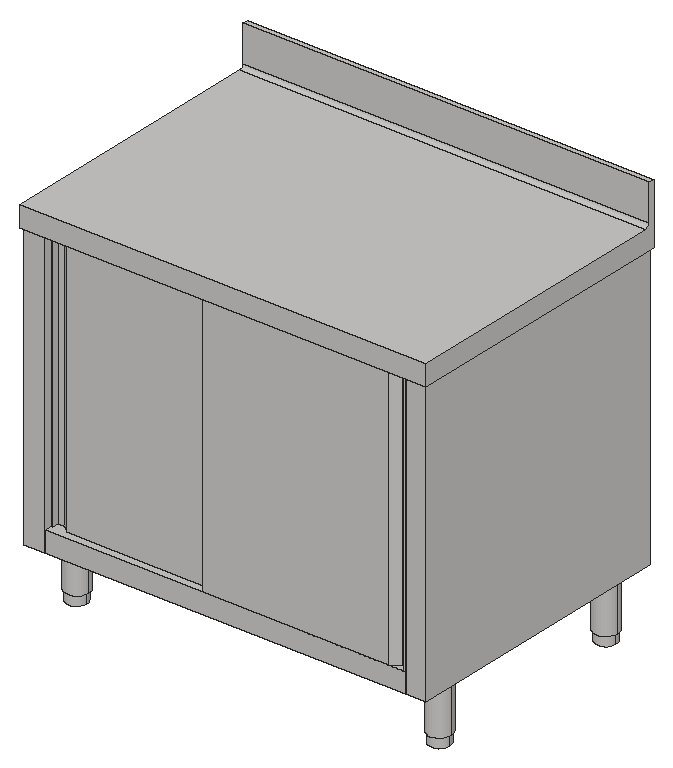
Revit family "QF_ELECTROLUXPROFESSIONAL_133079_TN1010EN", category Attrezzature speciali, Revit 2020
Family settings
  Quota connettore circolare = Usa diametro
  Tipo di parte = Normale
  Basato su piano di lavoro = No
  Sempre verticale = Sì
  Taglio con vuoti quando caricato = No
  Condiviso = No
  Punto di calcolo locali = No
Parameters (values of type "Standard")
  Weight = 50.00 kg
  Watts = 0 W
  Volts = 0 V
  URL Manufacturer = "https://www.electroluxprofessional.com/"
  URL = "https://www.electroluxprofessional.com/"
  Steam Supply Size = 0 mm
  Steam Supply Minimum Pressure = 0.0 Pa
  Steam Supply Maximum Pressure = 0.0 Pa
  Steam Consumption per Hour = 0
  Refrigeration Suction Line Size = 0.0 mm
  Refrigeration Liquid Line Size = 0.0 mm
  Refrigerant Compressor Remote = yes
  Prospetto di default = 0.0 mm
  Produttore = "Electrolux Professional"
  Phase = 0
  Modello = "TN1010EN"
  Length Actual = 1000.0 mm  # constant formula
  Item Number = "133079"
  Hot Water Size = 0 mm
  Height Actual = 1000.0 mm  # constant formula
  HP = "0 HP"
  Gas Size = 0 mm
  Gas KW = 0
  Gas Input Pressure = 0 W
  Direct Waste Size = 0 mm
  Descrizione = "WORKTOP CUPBOARD WITH UPSTAND 1000 MM"
  Depth Actual = 700.0 mm  # constant formula
  Cycle = 0 Hz
  Condensate Return Size = 0 mm
  Compressed Air Volume = 0.0 L/s
  Compressed Air Size = 0 mm
  Compressed Air Pressure = 0.0 Pa
  Cold Water Size = 0 mm
  Accessory = yes
Reference planes
  plane 1 "Center (Front/Back)": y = 0
  plane 2: z = 0
  plane 3 "Center (Left/Right)": x = 0
  plane 4 "LEFT": x = -500
  plane 5 "RIGHT": x = 500
  plane 6 "BACK": y = 350
  plane 7 "FRONT": y = -350
  plane 8 "Base": z = 850
  plane 9 "TOP": z = 900
  plane 10: x = -446.9
  plane 11: x = 446.9
  plane 12: y = 270
  plane 13: y = -241.9
  plane 14 "BodyLeft": x = -494.5
  plane 15 "BodyFront": y = -344.5
  plane 16 "BodyRight": x = 494.5
  plane 17 "BodyBack": y = 344.5
  plane 18 "FEET": z = 150
  plane 19: x = 55.5
  plane 20: x = -55.5
Forms (mm)
  Extrusion 1, solid, material "QF_Finishes_Stainless Steel"
    sketch origin (0, 0, 0) x (0, 1, 0) y (0, 0, 1)
      loop
        line (-350, 850) -> (350, 850) -> (350, 1000) -> (337, 1000) -> (337, 910)
        arc (337, 910) -> (334.071, 902.929) -> (327, 900) r 10
        line (327, 900) -> (-350, 900) -> (-350, 850)
    from 500 to -500
  Extrusion 2, solid, material "QF_Finishes_Stainless Steel"
    sketch origin (0, 0, 150) x (-1, 0, 0) y (0, -1, 0)
      loop
        line (494.5, -344.5) -> (494.5, 344.5) -> (444.5, 344.5) -> (444.5, -344.5) -> (494.5, -344.5)
      loop
        line (-444.5, -344.5) -> (-444.5, 344.5) -> (-494.5, 344.5) -> (-494.5, -344.5) -> (-444.5, -344.5)
    from 0 to 700
  Extrusion 3, solid, material "QF_Finishes_Stainless Steel"
    sketch origin (0, 0, 150) x (-1, 0, 0) y (0, -1, 0)
      loop
        line (443.585, -344.5) -> (443.585, 344.5) -> (-444.5, 344.5) -> (-444.5, -344.5) -> (443.585, -344.5)
    from 0 to 50
  Extrusion 4, solid, material "QF_Finishes_Stainless Steel"
    sketch origin (0, 0, 150) x (-1, 0, 0) y (0, -1, 0)
      loop
        line (443.585, -344.5) -> (443.585, -294.5) -> (-444.5, -294.5) -> (-444.5, -344.5) -> (443.585, -344.5)
    from 50 to 700
  Extrusion 5, solid, material "QF_Finishes_Stainless Steel"
    sketch origin (0, 0, 150) x (-1, 0, 0) y (0, -1, 0)
      loop
        line (-444.5, 344.5) -> (-444.5, 324.5) -> (55.5, 324.5) -> (55.5, 344.5) -> (-404.5, 344.5) -> (-424.5, 329.5) -> (-439.5, 329.5) -> (-439.5, 344.5) -> (-444.5, 344.5)
    from 50 to 700
  Extrusion 6, solid, material "QF_Finishes_Stainless Steel"
    sketch origin (0, 20, 150) x (1, 0, 0) y (0, 1, 0)
      loop
        line (-444.5, -344.5) -> (-439.5, -344.5) -> (-439.5, -329.5) -> (-424.5, -329.5) -> (-404.5, -344.5) -> (55.5, -344.5) -> (55.5, -324.5) -> (-444.5, -324.5) -> (-444.5, -344.5)
    from 50 to 700
Lines and regions (mm)
  symbolic lines
    curve 1: line (500, 350, 900) -> (-500, 350, 900)
    curve 2: line (-500, 350, 900) -> (-500, -350, 900)
    curve 3: line (-500, -350, 900) -> (500, -350, 900)
    curve 4: line (500, -350, 900) -> (500, 350, 900)
    curve 5: line (-500, 337, 900) -> (500, 337, 900)
  symbolic lines, style "SpecialityEquipmentHiddenLines"
    curve 6: line (-494.5, -344.5, 150) -> (-494.5, 344.5, 150)
    curve 7: line (-494.5, 344.5, 150) -> (494.5, 344.5, 150)
    curve 8: line (494.5, 344.5, 150) -> (494.5, -344.5, 150)
    curve 9: line (494.5, -344.5, 150) -> (-494.5, -344.5, 150)
    curve 10: line (-444.5, -304.5, 150) -> (55.5, -304.5, 150)
    curve 11: line (55.5, -304.5, 150) -> (55.5, -324.5, 150)
    curve 12: line (444.5, -324.5, 150) -> (-444.5, -324.5, 150)
    curve 13: line (-444.5, -324.5, 150) -> (-444.5, -304.5, 150)
    curve 14: line (-55.5, -344.5, 150) -> (-55.5, -324.5, 150)
Dimensions and locks
  plane 4 "LEFT" to plane 5 "RIGHT" = 1000.0 mm
  equal spacing: plane 4 "LEFT", plane 3 "Center (Left/Right)", plane 5 "RIGHT"
  locked: plane 8 "Base" to level at 850
  locked: Extrusion 1 to level at 1000
  plane 9 "TOP" to level = 900.0 mm
  plane 6 "BACK" to plane 7 "FRONT" = 700.0 mm
  equal spacing: plane 6 "BACK", plane 1 "Center (Front/Back)", plane 7 "FRONT"
  locked: plane 4 "LEFT" to plane 14 "BodyLeft" at 5.5
  locked: plane 16 "BodyRight" to plane 5 "RIGHT" at 5.5
  locked: plane 15 "BodyFront" to plane 7 "FRONT" at 5.5
  locked: plane 6 "BACK" to plane 17 "BodyBack" at 5.5
  locked: plane 14 "BodyLeft" to plane 10 at 47.6
  locked: plane 11 to plane 16 "BodyRight" at 47.6
  locked: plane 13 to plane 15 "BodyFront" at 102.6
  locked: plane 17 "BodyBack" to plane 12 at 74.5
  plane 10 to plane 11 = 893.8 mm
  plane 12 to plane 13 = 511.9 mm
  locked: plane 18 "FEET" to level at 150
  locked: plane 14 "BodyLeft" to Extrusion 2 sketch curve at 50
  locked: Extrusion 2 sketch curve to Extrusion 2 sketch curve at 50
  Extrusion 3 to Extrusion 4 sketch curve = 50.0 mm
  Extrusion 2 to plane 19 = 500.0 mm
  plane 20 to Extrusion 2 = 500.0 mm
  aligned and locked: level to plane 2
  aligned and locked: plane 10 to nested 1
  aligned and locked: nested 1 to plane 13
  aligned and locked: plane 11 to nested 2
  aligned and locked: nested 2 to plane 13
  aligned and locked: plane 11 to nested 4
  aligned and locked: nested 4 to plane 12
  aligned and locked: plane 10 to nested 3
  aligned and locked: nested 3 to plane 12
  aligned and locked: Extrusion 1 to plane 4 "LEFT"
  aligned and locked: plane 5 "RIGHT" to Extrusion 1
  aligned and locked: curve 2 to plane 4 "LEFT"
  aligned and locked: plane 17 "BodyBack" to Extrusion 2 sketch curve
  aligned and locked: Extrusion 2 sketch curve to plane 15 "BodyFront"
  aligned and locked: Extrusion 2 sketch curve to plane 14 "BodyLeft"
  aligned and locked: plane 16 "BodyRight" to Extrusion 2 sketch curve
  aligned and locked: Extrusion 2 sketch curve to plane 17 "BodyBack"
  aligned and locked: plane 15 "BodyFront" to Extrusion 2 sketch curve
  aligned and locked: Extrusion 3 sketch curve to plane 17 "BodyBack"
  aligned and locked: plane 15 "BodyFront" to Extrusion 3 sketch curve
  aligned and locked: plane 8 "Base" to Extrusion 2
  aligned and locked: plane 8 "Base" to Extrusion 5
  aligned and locked: Extrusion 5 to Extrusion 3
  aligned and locked: Extrusion 6 sketch curve to plane 19
  aligned and locked: Extrusion 5 sketch curve to plane 20
  aligned and locked: curve 7 to plane 17 "BodyBack"
  aligned and locked: Extrusion 2 to plane 14 "BodyLeft"
  aligned and locked: plane 16 "BodyRight" to curve 8
  aligned and locked: plane 15 "BodyFront" to curve 9
Automatic sketch dimensions
  curve 3 to plane 7 "FRONT" = 0.0 mm
  curve 5 to plane 5 "RIGHT" = 0.0 mm
  curve 4 to plane 6 "BACK" = 0.0 mm
  curve 5 to plane 17 "BodyBack" = 7.5 mm
  Extrusion 1 sketch curve to plane 7 "FRONT" = 0.0 mm
  Extrusion 1 sketch curve to plane 9 "TOP" = 0.0 mm
  Extrusion 1 sketch curve to plane 6 "BACK" = 0.0 mm
  Extrusion 1 sketch curve to plane 8 "Base" = 0.0 mm
  Extrusion 1 sketch curve to plane 17 "BodyBack" = 17.5 mm
  Extrusion 1 sketch curve to plane 17 "BodyBack" = 7.5 mm
  Extrusion 1 sketch curve to Extrusion 1 sketch curve = 90.0 mm
  Extrusion 5 sketch curve to plane 15 "BodyFront" = 0.0 mm  (x2)
  Extrusion 5 sketch curve to plane 11 = 2.4 mm
  Extrusion 5 sketch curve to Extrusion 5 sketch curve = 5.0 mm
  Extrusion 5 sketch curve to Extrusion 5 sketch curve = 15.0 mm
  Extrusion 5 sketch curve to Extrusion 5 sketch curve = 20.0 mm
  plane 15 "BodyFront" to Extrusion 5 sketch curve = 15.0 mm
  plane 15 "BodyFront" to Extrusion 5 sketch curve = 20.0 mm
  Extrusion 6 sketch curve to plane 15 "BodyFront" = 20.0 mm  (x2)
  Extrusion 6 sketch curve to plane 10 = 2.4 mm
  Extrusion 6 sketch curve to Extrusion 6 sketch curve = 5.0 mm
  Extrusion 6 sketch curve to Extrusion 6 sketch curve = 15.0 mm
  Extrusion 6 sketch curve to Extrusion 6 sketch curve = 20.0 mm  (x2)
  Extrusion 6 sketch curve to plane 15 "BodyFront" = 35.0 mm
  Extrusion 3 sketch curve to plane 11 = 2.4 mm
  plane 10 to Extrusion 3 sketch curve = 3.315 mm
  Extrusion 4 sketch curve to plane 11 = 2.4 mm
  plane 10 to Extrusion 4 sketch curve = 3.315 mm
  curve 10 to plane 19 = 0.0 mm
  curve 14 to plane 20 = 0.0 mm
  curve 7 to plane 14 "BodyLeft" = 0.0 mm
  plane 10 to curve 13 = 2.4 mm
  curve 10 to curve 13 = 20.0 mm
  curve 12 to plane 11 = 2.4 mm
  plane 15 "BodyFront" to curve 14 = 20.0 mm
Nested families
  nested 1: "FEET_D58-150" at (-446.9, -241.9, 0), type "FEET_D58-150"
  nested 2: "FEET_D58-150" at (446.9, -241.9, 0), type "FEET_D58-150"
  nested 3: "FEET_D58-150" at (-446.9, 270, 0), type "FEET_D58-150"
  nested 4: "FEET_D58-150" at (446.9, 270, 0), type "FEET_D58-150"
Definition of nested family "FEET_D58-150"
  Parameters
    Default Elevation = 0.0 mm
    FEET = 150.0 mm
  Reference planes
    plane 1 "Center (Front/Back)": y = 0
    plane 2: z = 0
    plane 3 "Center (Left/Right)": x = 0
    plane 4: z = 150
  Forms (mm)
    Extrusion 1, solid
      sketch origin (0, 0, 0) x (1, 0, 0) y (0, 1, 0)
        loop
          circle (0, 0) r 25
      from 0 to 25
    Extrusion 2, solid
      sketch origin (0, 0, 0) x (1, 0, 0) y (0, 1, 0)
        loop
          circle (0.061, 0) r 29
      from 25 to 150 <- "FEET"
  Lines and regions (mm)
    symbolic lines
      curve 1: line (0, -1.503, 0) -> (0, 1.508, 0)
      curve 2: line (1.561, 0, 0) -> (-1.439, 0, 0)
  Dimensions and locks
    "FEET": plane 4 to plane 2
    aligned and locked: level to plane 2
  Automatic sketch dimensions
    plane 1 "Center (Front/Back)" to Extrusion 1 sketch curve = 0.0 mm
    Extrusion 1 sketch curve to plane 3 "Center (Left/Right)" = 0.0 mm
    plane 1 "Center (Front/Back)" to curve 2 = 0.0 mm
    curve 1 to plane 3 "Center (Left/Right)" = 0.0 mm
    curve 2 to plane 3 "Center (Left/Right)" = 1.439 mm
    plane 3 "Center (Left/Right)" to curve 2 = 1.561 mm
    plane 1 "Center (Front/Back)" to curve 1 = 1.503 mm
    curve 1 to plane 1 "Center (Front/Back)" = 1.508 mm
    plane 1 "Center (Front/Back)" to Extrusion 2 sketch curve = 0.0 mm
    plane 3 "Center (Left/Right)" to Extrusion 2 sketch curve = 0.061 mm
    radius of Extrusion 1 sketch curve = 25.0 mm
    radius of Extrusion 2 sketch curve = 29.0 mm
